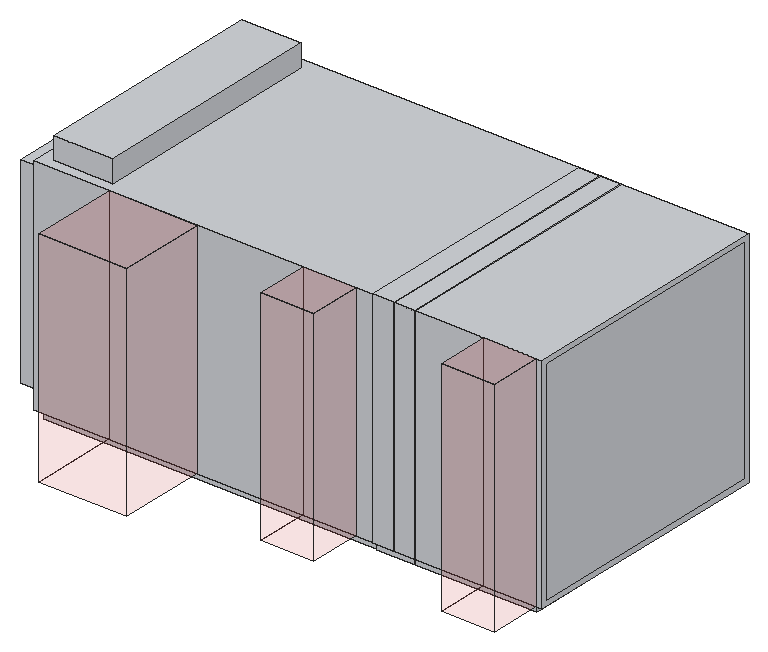
Revit family "Metric WinTADS Template 5", category Mechanical Equipment, Revit 2017
Family settings
  Round Connector Dimension = Use Diameter
  Part Type = Normal
  OmniClass Number = 23.75.00.00
  OmniClass Title = Climate Control (HVAC)
  Work Plane-Based = No
  Always vertical = Yes
  Cut with Voids When Loaded = No
  Shared = No
  Room Calculation Point = No
Parameters
  Mass = 1936.57 kg
Reference planes
  plane 1 "Center (Front/Back)": y = 0
  plane 2: z = 0
  plane 3 "Center (Left/Right)": x = 0
Forms (mm)
  Extrusion 1, solid
    sketch origin (0, 0, 0) x (1, 0, 0) y (0, 1, 0)
      loop
        line (-200, 2238) -> (-200, 100) -> (0, 100) -> (0, 2238) -> (-200, 2238)
    from 100 to 1918
  Extrusion 2, solid
    sketch origin (0, 0, 0) x (1, 0, 0) y (0, 1, 0)
      loop
        line (100, 2238) -> (100, 100) -> (638, 100) -> (638, 2238) -> (100, 2238)
    from 2018 to 2218
  Extrusion 3, solid
    sketch origin (0, 0, 0) x (1, 0, 0) y (0, 1, 0)
      loop
        line (4613.543, 2289) -> (4613.543, 49) -> (4614.457, 49) -> (4614.457, 2289) -> (4613.543, 2289)
    from 49 to 1969
  Extrusion 4, solid
    sketch origin (0, 0, 0) x (1, 0, 0) y (0, 1, 0)
      loop
        line (0, 2338) -> (0, 0) -> (3458, 0) -> (3458, 2338) -> (0, 2338)
    from 0 to 2018
  Extrusion 5, solid
    sketch origin (0, 0, 0) x (1, 0, 0) y (0, 1, 0)
      loop
        line (3266.543, 2338) -> (3266.543, 0) -> (3267.457, 0) -> (3267.457, 2338) -> (3266.543, 2338)
    from 0 to 2018
  Extrusion 6, solid
    sketch origin (0, 0, 0) x (1, 0, 0) y (0, 1, 0)
      loop
        line (3076, 2338) -> (3076, 0) -> (4614, 0) -> (4614, 2338) -> (3076, 2338)
    from 0 to 2018
  Extrusion 7, solid
    sketch origin (0, 0, 0) x (1, 0, 0) y (0, 1, 0)
      loop
        line (69, 75.5) -> (69, 26.5) -> (3438, 26.5) -> (3438, 75.5) -> (69, 75.5)
    from -62 to 0
  Extrusion 8, solid
    sketch origin (0, 0, 0) x (1, 0, 0) y (0, 1, 0)
      loop
        line (69, 2311.5) -> (69, 2262.5) -> (3438, 2262.5) -> (3438, 2311.5) -> (69, 2311.5)
    from -62 to 0
  Extrusion 9, solid
    sketch origin (0, 0, 0) x (1, 0, 0) y (0, 1, 0)
      loop
        line (69, 2262.5) -> (69, 75.5) -> (118, 75.5) -> (118, 2262.5) -> (69, 2262.5)
    from -62 to 0
  Extrusion 10, solid
    sketch origin (0, 0, 0) x (1, 0, 0) y (0, 1, 0)
      loop
        line (3389, 2262.5) -> (3389, 75.5) -> (3438, 75.5) -> (3438, 2262.5) -> (3389, 2262.5)
    from -62 to 0
  Extrusion 11, solid
    sketch origin (0, 0, 0) x (1, 0, 0) y (0, 1, 0)
      loop
        line (3096, 75.5) -> (3096, 26.5) -> (4545, 26.5) -> (4545, 75.5) -> (3096, 75.5)
    from -62 to 0
  Extrusion 12, solid
    sketch origin (0, 0, 0) x (1, 0, 0) y (0, 1, 0)
      loop
        line (3096, 2311.5) -> (3096, 2262.5) -> (4545, 2262.5) -> (4545, 2311.5) -> (3096, 2311.5)
    from -62 to 0
  Extrusion 13, solid
    sketch origin (0, 0, 0) x (1, 0, 0) y (0, 1, 0)
      loop
        line (3096, 2262.5) -> (3096, 75.5) -> (3145, 75.5) -> (3145, 2262.5) -> (3096, 2262.5)
    from -62 to 0
  Extrusion 14, solid
    sketch origin (0, 0, 0) x (1, 0, 0) y (0, 1, 0)
      loop
        line (4496, 2262.5) -> (4496, 75.5) -> (4545, 75.5) -> (4545, 2262.5) -> (4496, 2262.5)
    from -62 to 0
  Extrusion 15, solid, material "Clearance Zones"
    sketch origin (0, 0, 0) x (1, 0, 0) y (0, 1, 0)
      loop
        line (689, 0) -> (689, -800) -> (1489, -800) -> (1489, 0) -> (689, 0)
    from 0 to 2018
  Extrusion 16, solid, material "Clearance Zones"
    sketch origin (0, 0, 0) x (1, 0, 0) y (0, 1, 0)
      loop
        line (2449, 0) -> (2449, -480) -> (2929, -480) -> (2929, 0) -> (2449, 0)
    from 0 to 2018
  Extrusion 17, solid, material "Clearance Zones"
    sketch origin (0, 0, 0) x (1, 0, 0) y (0, 1, 0)
      loop
        line (4085, 0) -> (4085, -480) -> (4565, -480) -> (4565, 0) -> (4085, 0)
    from 0 to 2018
Dimensions and locks
  aligned and locked: level to plane 2
Connectors
  hvac at (369, 1169, 2218)
    settings: on Extrusion 2, index 6, duct flow 8333.33 L/s, flow factor 0, pres drop 33.0743 Pa, loss coef 0, conn angle 0.00°, conn width 538 mm, conn height 2138 mm, conn diameter 609.6 mm, duct sys type 1, conn prof type 1, flow config 0, flow direction 1, loss method 4, conn ref index -1, conn util no, is conn primary yes, conn desc ""
  hvac at (4614.457, 1169, 1009)
    settings: on Extrusion 3, index 31, duct flow 8333.33 L/s, flow factor 0, pres drop 2.0 Pa, loss coef 0, conn angle 0.00°, conn width 2240 mm, conn height 1920 mm, conn diameter 609.6 mm, duct sys type 1, conn prof type 1, flow config 0, flow direction 2, loss method 4, conn ref index -1, conn util no, is conn primary no, conn desc ""
  hvac at (-200, 1169, 1009)
    settings: on Extrusion 1, index 35, duct flow 8333.33 L/s, flow factor 0, pres drop 3.02103 Pa, loss coef 0, conn angle 0.00°, conn width 2138 mm, conn height 1818 mm, conn diameter 609.6 mm, duct sys type 1, conn prof type 1, flow config 0, flow direction 1, loss method 4, conn ref index -1, conn util no, is conn primary no, conn desc ""
